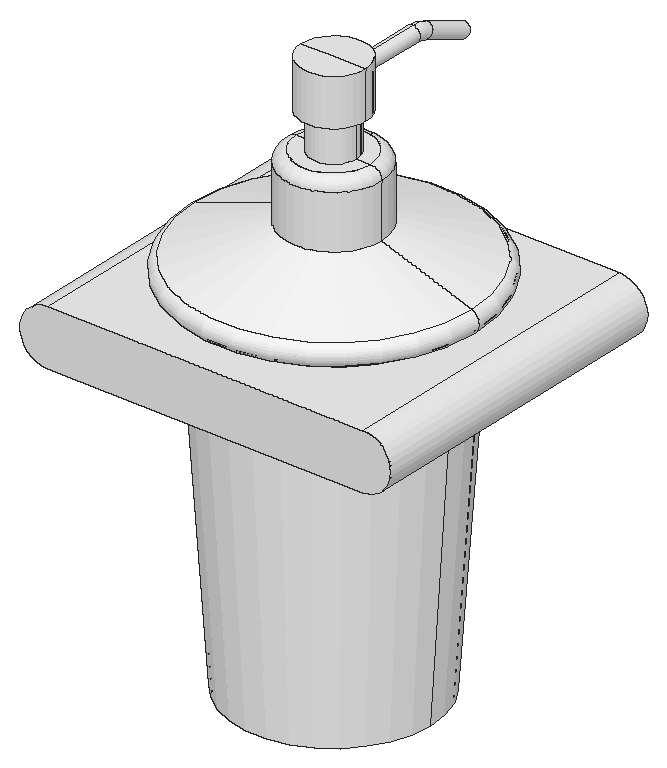
Revit family "LQ6050001_Jabonera Líquida", category Furniture, host Wall, Revit 2019
Family settings
  Host = Wall
  OmniClass Number = 23.31.25.29.11
  OmniClass Title = Hand Soap Holders
  Always vertical = Yes
  Cut with Voids When Loaded = No
  Shared = No
  Room Calculation Point = No
Parameters (values of type "Type 1")
  Uso = "Residencial"  # constant formula
  URL = "https://corona.co/productos/accesorios/kit-de-accesorios/kit-por-6-accesorios-liquid/p/LQ6080001"
  Tecnologías = "DuraCrome"  # constant formula
  Resistencia = "Resistente a la corrosión\r\npelado y decoloración por agua\r\nResistencia al peso general hasta 9 kg\r\nResistencia al peso del toallero barra hasta 23 kg"  # constant formula
  Referencia = "LQ6050001"  # constant formula
  Profundidad = 86.5 mm  # constant formula
  Número de piezas = "6"  # constant formula
  Material = Corona_Cromado
  Manufacturer = "Corona"  # constant formula
  Línea = "Liquid"  # constant formula
  Garantía Acabados = "5 años en acabados"  # constant formula
  Garantía = "30 años en estructura"  # constant formula
  Fecha de creación = "13/08/2020"  # constant formula
  Description = "La línea de griferías, duchas y accesorios Liquid se inspira en la tensión superficial del agua y en cómo esta crea formas armoniosas adaptándose al ambiente. Al igual que el agua, las superficies de las griferías Liquid juegan con la luz y los reflejos que fluyen alrededor de sus formas. Sus líneas continuas y simplicidad formal proporcionan la ventaja práctica, limpieza sin esfuerzo."  # constant formula
  Creado por = "IDD"  # constant formula
  Componentes = "Percha - Toallero - Jabonera - Barra - Cepillera - Portarrollo"  # constant formula
  Colección = "Liquid"  # constant formula
  Ancho = 100 mm  # constant formula
  Altura = 900 mm
  Alto = 152.5 mm  # constant formula
Reference planes
  plane 1 "Wall": y = 0
  plane 2 "Center (Left/Right)": x = 125
  plane 3 "Back": y = 75
  plane 4: z = 900
  plane 5: x = 175
  plane 6: x = 75
  plane 7: z = 976.25
  plane 8: z = 823.75
  plane 9: y = 161.5
Text (mm)
  text "Placement Side" at (-1848.837, 1116.779, 0), in view "Ref. Level"
  text "Placement side" at (0, 1409.804, 2854.306), in view "Left"
  text "Placement side" at (0, 499.811, 2980.732), in view "Right"
Dimensions and locks
  locked: plane 3 "Back" to host wall
  equal spacing: plane 8, plane 4, plane 7
  "Alto": plane 8 to plane 7
  equal spacing: plane 6, plane 2 "Center (Left/Right)", plane 5
  "Ancho": plane 6 to plane 5
  "Profundidad": plane 9 to host wall
  plane 4 to plane 8 = 76.25 mm
  "Altura": plane 4 to level
  aligned and locked: plane 1 "Wall" to host wall
  aligned and locked: nested 1 to plane 7
  aligned and locked: nested 3 to plane 7
  aligned and locked: nested 3 to plane 5
  aligned and locked: nested 4 to plane 9
  aligned and locked: nested 4 to plane 5
  aligned and locked: plane 7 to nested 2
  aligned and locked: plane 5 to nested 2
Nested families
  nested 1: "Lateral" at (125, 75, 823.75) x (0, -1, 0) z (1, 0, 0), type "Lateral"
  nested 2: "Jabonera" at (75, 127.5, 823.75), type "Jabonera"
  nested 3: "Frontal" at (175, 0, 823.75) x (-1, 0, 0) z (0, -1, 0), type "Frontal"
  nested 4: "Planta" at (75, 75, 0), type "Planta"
Definition of nested family "Jabonera"
  Parameters (values of type "Jabonera")
    Profundidad = 86.5 mm
    Material = none
    Ancho = 100 mm
    Alto = 152.5 mm
  Reference planes
    plane 1 "Center (Front/Back)": y = 0
    plane 2: z = 0
    plane 3 "Center (Left/Right)": x = 0
    plane 4: x = 100
    plane 5: y = 43.25
    plane 6: y = -43.25
    plane 7: z = 152.5
  Forms (mm)
    Extrusion 1, solid, material <- "Material", detail levels coarse
      sketch origin (0, 0, 0) x (1, 0, 0) y (0, 1, 0)
        loop
          line (0, 43.25) -> (0, -43.25) -> (100, -43.25) -> (100, 43.25) -> (0, 43.25)
      from 0 to 152.5
    Revolve 2, solid, detail levels medium+fine
      sketch origin (0, 0, 0) x (1, 0, 0) y (0, 0, 1)
        loop
          line (50, 0) -> (50, 152.5) -> (41.25, 152.5) -> (41.25, 139.875) -> (43.855, 139.875) -> (43.855, 129.875) -> (39.98, 129.875)
          arc (39.98, 129.875) -> (37.859, 128.996) -> (36.98, 126.875) r 3
          line (36.98, 126.875) -> (36.98, 112.523) -> (12.773, 104.188)
          arc (12.773, 104.188) -> (10.764, 101.639) -> (12.25, 98.753) r 3
          line (12.25, 98.753) -> (17.038, 95.989) -> (23.75, 0) -> (50, 0)
        axis (50, 152.5) -> (50, 0)
      angle from 0 to 360
    Extrusion 3, solid, material <- "Material", detail levels medium+fine
      sketch origin (0, 0, 0) x (1, 0, 0) y (0, 0, 1)
        loop
          arc (7.5, 95.989) -> (0, 88.489) -> (7.5, 80.989) r 7.5
          line (7.5, 80.989) -> (92.5, 80.989)
          arc (92.5, 80.989) -> (100, 88.489) -> (92.5, 95.989) r 7.5
          line (92.5, 95.989) -> (7.5, 95.989)
      from -43.25 to 43.25
    Sweep 4, solid, detail levels medium+fine
      path origin (0, 0, 0) x (0, 1, 0) y (0, 0, 1)
        loop
          line (8.75, 146.187) -> (26.668, 146.187)
          arc (26.668, 146.187) -> (28.706, 145.977) -> (30.659, 145.356) r 10
          line (30.659, 145.356) -> (43.25, 139.875)
      profile origin (0, 17.709, 146.187) x (0, 0, 1) y (1, 0, 0)
        loop
          circle (0, 50) r 2
    Revolve 5, solid, detail levels medium+fine
      sketch origin (0, 0, 0) x (1, 0, 0) y (0, 0, 1)
        loop
          line (50, 0.2) -> (50, 152.3) -> (41.45, 152.3) -> (41.45, 140.075) -> (44.055, 140.075) -> (44.055, 129.675) -> (40.102, 129.675)
          arc (40.102, 129.675) -> (38.006, 128.807) -> (37.138, 126.711) r 2.964
          line (37.138, 126.711) -> (37.138, 112.365) -> (13.178, 104.115)
          arc (13.178, 104.115) -> (11.193, 101.597) -> (12.661, 98.746) r 2.964
          line (12.661, 98.746) -> (17.23, 96.109) -> (23.937, 0.2) -> (50, 0.2)
        axis (50, 152.3) -> (50, 0.2)
      angle from 0 to 360
  Cuts and joins
    joined: Revolve 2, Sweep 4
  Dimensions and locks
    equal spacing: plane 5, plane 1 "Center (Front/Back)", plane 6
    "Profundidad": plane 5 to plane 6
    "Ancho": plane 3 "Center (Left/Right)" to plane 4
    "Alto": plane 7 to level
    aligned and locked: level to plane 2
    aligned and locked: Extrusion 1 sketch curve to plane 5
    aligned and locked: plane 4 to Extrusion 1 sketch curve
    aligned and locked: plane 6 to Extrusion 1 sketch curve
    aligned and locked: plane 7 to Extrusion 1
    aligned and locked: plane 5 to Extrusion 3
    aligned and locked: Extrusion 3 to plane 6
  Automatic sketch dimensions
    Extrusion 1 sketch curve to plane 3 "Center (Left/Right)" = 0 mm
    Revolve 2 sketch curve to level = 0 mm  (x2)
    Revolve 2 sketch curve to plane 7 = 0 mm
    plane 3 "Center (Left/Right)" to Revolve 2 sketch curve = 12.25 mm
    Revolve 2 sketch curve to Revolve 2 sketch curve = 0.523 mm
    Revolve 2 sketch curve to Revolve 2 sketch curve = 0.977 mm
    plane 3 "Center (Left/Right)" to Revolve 2 sketch curve = 23.75 mm
    Revolve 2 sketch curve to Revolve 2 sketch curve = 24.207 mm
    Revolve 2 sketch curve to Revolve 2 sketch curve = 3 mm
    Revolve 2 sketch curve to Revolve 2 sketch curve = 1.27 mm
    Revolve 2 sketch curve to Revolve 2 sketch curve = 3.875 mm
    Revolve 2 sketch curve to Revolve 2 sketch curve = 26.25 mm
    Revolve 2 sketch curve to plane 7 = 53.747 mm
    Revolve 2 sketch curve to Revolve 2 sketch curve = 2.598 mm
    Revolve 2 sketch curve to Revolve 2 sketch curve = 8.335 mm
    Revolve 2 sketch curve to Revolve 2 sketch curve = 14.352 mm
    Revolve 2 sketch curve to Revolve 2 sketch curve = 10 mm
    Revolve 2 sketch curve to Revolve 2 sketch curve = 0 mm
    Revolve 2 sketch curve to level = 30 mm
    Revolve 2 sketch curve to Revolve 2 sketch curve = 2.764 mm
    Revolve 2 sketch curve to Revolve 2 sketch curve = 4.788 mm
    plane 3 "Center (Left/Right)" to Extrusion 3 sketch curve = 7.5 mm
    plane 4 to Extrusion 3 sketch curve = 7.5 mm
    Extrusion 3 sketch curve to Extrusion 3 sketch curve = 7.5 mm
    Extrusion 3 sketch curve to plane 7 = 71.511 mm
    Sweep 4 sketch curve to plane 5 = 0 mm
    Sweep 4 sketch curve to plane 5 = 12.591 mm
    Sweep 4 sketch curve to Sweep 4 sketch curve = 3.992 mm
    Sweep 4 sketch curve to plane 7 = 16.313 mm
    Sweep 4 sketch curve to plane 7 = 7.144 mm
    Sweep 4 sketch curve to plane 1 "Center (Front/Back)" = 8.75 mm
    Sweep 4 sketch curve to Sweep 4 sketch curve = 5.481 mm
    Sweep 4 sketch curve to profile plane = 0 mm
    plane 3 "Center (Left/Right)" to Sweep 4 sketch curve = 50 mm
    plane 3 "Center (Left/Right)" to Revolve 5 sketch curve = 12.661 mm
    Revolve 5 sketch curve to Revolve 5 sketch curve = 0.517 mm
    Revolve 5 sketch curve to Revolve 5 sketch curve = 0.965 mm
    Revolve 5 sketch curve to Revolve 5 sketch curve = 4.569 mm
    level to Revolve 5 sketch curve = 0.2 mm
    plane 3 "Center (Left/Right)" to Revolve 5 sketch curve = 23.937 mm
    Revolve 5 sketch curve to Revolve 5 sketch curve = 23.96 mm
    Revolve 5 sketch curve to Revolve 5 sketch curve = 2.964 mm
    Revolve 5 sketch curve to plane 7 = 0.2 mm
    Revolve 5 sketch curve to Revolve 5 sketch curve = 1.348 mm
    Revolve 5 sketch curve to Revolve 5 sketch curve = 3.954 mm
    Revolve 5 sketch curve to Revolve 5 sketch curve = 26.063 mm
    Revolve 5 sketch curve to plane 7 = 56.391 mm
    Revolve 5 sketch curve to Revolve 5 sketch curve = 2.638 mm
    Revolve 5 sketch curve to Revolve 5 sketch curve = 2.567 mm
    Revolve 5 sketch curve to Revolve 5 sketch curve = 8.25 mm
    Revolve 5 sketch curve to Revolve 5 sketch curve = 14.346 mm
    Revolve 5 sketch curve to Revolve 5 sketch curve = 10.4 mm
    Revolve 5 sketch curve to Revolve 5 sketch curve = 0 mm  (x2)
    Revolve 5 sketch curve to level = 19.8 mm
    radius of Sweep 4 sketch curve = 2 mm
Definition of nested family "Lateral"
  Reference planes
    plane 1 "Center (Front/Back)": y = 0
    plane 2: z = 0
    plane 3 "Center (Left/Right)": x = 0
    plane 4: y = 152.5
    plane 5: x = -86.5
  Lines and regions (mm)
    detail lines, in view "Ref. Level"
      curve 1: line (-80.5, 76.25, 0) -> (-6, 76.25, 0)
      curve 2: line (-80.5, 96.25, 0) -> (-6, 96.25, 0)
      curve 3: line (-86.5, 82.25, 0) -> (-86.5, 90.25, 0)
      curve 4: line (0, 82.25, 0) -> (0, 90.25, 0)
      curve 5: line (-35.125, 152.5, 0) -> (-51.375, 152.5, 0)
      curve 6: line (-51.375, 152.5, 0) -> (-51.375, 137.5, 0)
      curve 7: line (-51.375, 137.5, 0) -> (-35.125, 137.5, 0)
      curve 8: line (-48.348, 137.5, 0) -> (-48.348, 130.288, 0)
      curve 9: line (-36.342, 130.288, 0) -> (-50.158, 130.288, 0)
      curve 10: line (-53.348, 114.307, 0) -> (-78.683, 108.458, 0)
      curve 11: line (-80.426, 99.49, 0) -> (-75.798, 96.25, 0)
      curve 12: arc (-80.426, 99.49, 0) -> (-82.466, 104.54, 0) -> (-78.683, 108.458, 0) r 5
      curve 13: arc (-50.158, 130.288, 0) -> (-52.414, 129.354, 0) -> (-53.348, 127.098, 0) r 3.19
      curve 14: line (-35.125, 152.5, 0) -> (-35.125, 137.5, 0)
      curve 15: line (-33.152, 127.098, 0) -> (-33.152, 114.307, 0)
      curve 16: arc (-36.342, 130.288, 0) -> (-34.086, 129.354, 0) -> (-33.152, 127.098, 0) r 3.19
      curve 17: line (-38.152, 137.5, 0) -> (-38.152, 130.288, 0)
      curve 18: line (-74, 76.25, 0) -> (-70.004, 0, 0)
      curve 19: line (-51.375, 147.5, 0) -> (-71.375, 147.5, 0)
      curve 20: line (-71.375, 147.5, 0) -> (-84.141, 144.079, 0)
      curve 21: line (-70.98, 144.5, 0) -> (-83.365, 141.182, 0)
      curve 22: line (-51.375, 144.5, 0) -> (-70.98, 144.5, 0)
      curve 23: line (-83.365, 141.182, 0) -> (-84.141, 144.079, 0)
      curve 24: line (-53.348, 127.098, 0) -> (-53.348, 114.307, 0)
      curve 25: line (-33.152, 114.307, 0) -> (-7.817, 108.458, 0)
      curve 26: line (-6.074, 99.49, 0) -> (-10.702, 96.25, 0)
      curve 27: arc (-6.074, 99.49, 0) -> (-4.034, 104.54, 0) -> (-7.817, 108.458, 0) r 5
      curve 28: line (-12.5, 76.25, 0) -> (-16.496, 0, 0)
      curve 29: line (-53.348, 114.307, 0) -> (-33.152, 114.307, 0)
      curve 30: arc (-86.5, 90.25, 0) -> (-84.743, 94.493, 0) -> (-80.5, 96.25, 0) r 6
      curve 31: arc (-86.5, 82.25, 0) -> (-84.743, 78.007, 0) -> (-80.5, 76.25, 0) r 6
      curve 32: arc (-6, 96.25, 0) -> (-1.757, 94.493, 0) -> (0, 90.25, 0) r 6
      curve 33: arc (-6, 76.25, 0) -> (-1.757, 78.007, 0) -> (0, 82.25, 0) r 6
      curve 34: line (-70.004, 0, 0) -> (-16.496, 0, 0)
Definition of nested family "Frontal"
  Reference planes
    plane 1 "Center (Front/Back)": y = 0
    plane 2: z = 0
    plane 3 "Center (Left/Right)": x = 0
    plane 4: x = 100
    plane 5: y = 152.5
  Lines and regions (mm)
    detail lines, in view "Ref. Level"
      curve 1: line (0, 76.25, 0) -> (100, 76.25, 0)
      curve 2: line (0, 96.25, 0) -> (100, 96.25, 0)
      curve 3: line (0, 76.25, 0) -> (0, 96.25, 0)
      curve 4: line (100, 76.25, 0) -> (100, 96.25, 0)
      curve 5: line (57.5, 152.5, 0) -> (42.5, 152.5, 0)
      curve 6: line (42.5, 152.5, 0) -> (42.5, 137.5, 0)
      curve 7: line (42.5, 137.5, 0) -> (57.5, 137.5, 0)
      curve 8: line (45.527, 137.5, 0) -> (45.527, 130.288, 0)
      curve 9: line (56.283, 130.288, 0) -> (43.717, 130.288, 0)
      curve 10: line (40.527, 127.098, 0) -> (40.527, 115.288, 0)
      curve 11: line (40.527, 115.288, 0) -> (10.942, 108.458, 0)
      curve 12: line (9.199, 99.49, 0) -> (13.827, 96.25, 0)
      curve 13: arc (9.199, 99.49, 0) -> (7.159, 104.54, 0) -> (10.942, 108.458, 0) r 5
      curve 14: arc (43.717, 130.288, 0) -> (41.461, 129.354, 0) -> (40.527, 127.098, 0) r 3.19
      curve 15: line (57.5, 152.5, 0) -> (57.5, 137.5, 0)
      curve 16: line (59.473, 127.098, 0) -> (59.473, 115.288, 0)
      curve 17: line (59.473, 115.288, 0) -> (89.058, 108.458, 0)
      curve 18: line (90.801, 99.49, 0) -> (86.173, 96.25, 0)
      curve 19: arc (90.801, 99.49, 0) -> (92.841, 104.54, 0) -> (89.058, 108.458, 0) r 5
      curve 20: arc (56.283, 130.288, 0) -> (58.539, 129.354, 0) -> (59.473, 127.098, 0) r 3.19
      curve 21: line (54.473, 137.5, 0) -> (54.473, 130.288, 0)
      curve 22: line (40.527, 115.288, 0) -> (59.473, 115.288, 0)
      curve 23: line (20, 76.25, 0) -> (23.996, 0, 0)
      curve 24: line (80, 76.25, 0) -> (76.004, 0, 0)
      curve 25: line (23.996, 0, 0) -> (76.004, 0, 0)
      curve 26: circle (50, 142.63, 0) r 1.5 normal (0, 0, 1)
      curve 27: line (51.5, 142.63, 0) -> (51.5, 146, 0)
      curve 28: line (48.5, 142.63, 0) -> (48.5, 146, 0)
      curve 29: circle (50, 142.63, 0) r 1.3 normal (0, 0, 1)
      curve 30: arc (51.5, 146, 0) -> (50, 147.5, 0) -> (48.5, 146, 0) r 1.5
Definition of nested family "Planta"
  Reference planes
    plane 1 "Center (Front/Back)": y = 0
    plane 2: z = 0
    plane 3 "Center (Left/Right)": x = 0
    plane 4: x = 100
    plane 5: y = 86.5
  Lines and regions (mm)
    detail lines, in view "Ref. Level"
      curve 1: line (0, 86.5, 0) -> (100, 86.5, 0)
      curve 2: line (0, 0, 0) -> (0, 86.5, 0)
      curve 3: line (100, 0, 0) -> (0, 0, 0)
      curve 4: line (100, 86.5, 0) -> (100, 0, 0)
      curve 5: circle (50, 43.25, 0) r 35 normal (0, 0, 1)
      curve 6: circle (50, 43.25, 0) r 7.041 normal (0, 0, 1)
      curve 7: line (49, 50.22, 0) -> (49, 70.291, 0)
      curve 8: line (49, 70.291, 0) -> (51, 70.291, 0)
      curve 9: line (51, 70.291, 0) -> (51, 50.22, 0)
      curve 10: arc (49, 53.2, 0) -> (50, 33.25, 0) -> (51, 53.2, 0) r 10
